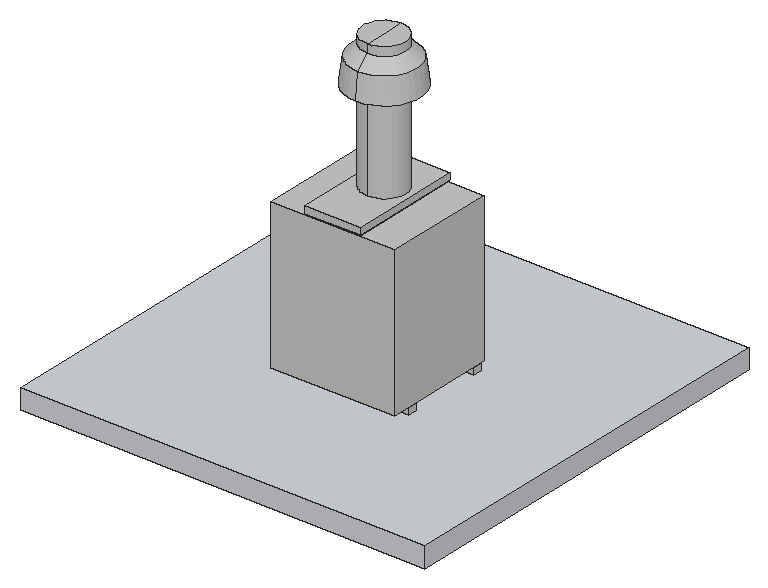
Revit family "DC_Rheem_PLM_Raypak_B0430ID", category Mechanical Equipment, host Face, Revit 2020
Family settings
  Host = Face
  Round Connector Dimension = Use Radius
  Part Type = Normal
  Cut with Voids When Loaded = No
  Shared = No
  Room Calculation Point = No
Parameters (values of type "Raypak - Gas Water Heater- Indoor - 420  MJ/h  Natural gas, On/Off gas control")
  Width_ANZRS = 745 mm
  URL = "http://www.rheem.com.au/CommercialProducts"
  Type Comments = "Recovery 1610L/h @ 50oC rise"
  TopFuleDiameter_ANZRS = 255 mm
  Stainless Steel = Raypak - Grey Powder Coated Steel
  PRVDistance_ANZRS = 210 mm
  PRVRadius_ANZRS = 15 mm
  PRVDiameter_ANZRS = PRVRadius_ANZRS * 2  # 30 mm
  Model = "B0430NCO/ID"
  Manufacturer = "Raypak"
  Length_ANZRS = 675 mm
  HotWaterOutletRadius_ANZRS = 20 mm
  HotWaterOutletDiameter_ANZRS = HotWaterOutletRadius_ANZRS * 2  # 40 mm
  HotWaterConnectionDistance_ANZRS = 170 mm
  Height_ANZRS = 1805 mm
  LipHeight_ANZRS = 935 mm
  GasInletRadius_ANZRS = 10 mm
  GasInletHeight_ANZRS = 370 mm
  GasInletDiameter_ANZRS = GasInletRadius_ANZRS * 2  # 20 mm
  GasConnectionDistance_ANZRS = 105 mm
  DesignBy_ANZRS = "Design Content ©"
  Description = "Raypak - Gas Water Heater- Indoor - 420  MJ/h  Natural gas, On/Off gas control"
  Default Elevation = 0 mm
  ConnectionHeight_ANZRS = 700 mm
  ColdWaterInletRadius_ANZRS = 20 mm
  ColdWaterInletDiameter_ANZRS = ColdWaterInletRadius_ANZRS * 2  # 40 mm
  ColdWaterConnectionDistance_ANZRS = 215 mm
  BoxHeight_ANZRS = 985 mm
  FootingOffset_ANZRS = 30 mm
  FootingWidth_ANZRS = 50 mm
  FootingOffsetRight_ANZRS = 105 mm
  Author_ANZRS = "DM"
  Assembly Code = ""
Types (5, lengths in mm): name | URL | Type Comments | Model | GasInletRadius_ANZRS | GasInletDiameter_ANZRS | Description
  (no name) | "http://www.rheem.com.au/downloads/PDF/Raypak_Mechanical_Heating_Brochure_July_09.pdf" | "Recovery 1610L/h @ 50oC rise" | "B0430NCM/ID" | 12.5 | 25 | "Raypak - Gas Water Heater- Indoor - 420 MJ/h  Natural gas, modulating gas control"
  Raypak - Gas Water Heater- Indoor - 420 MJ/h  Natural gas, modulating gas control | "http://www.rheem.com.au/CommercialProducts" | "Recovery 1610L/h @ 50oC rise" | "B0430NCM/ID" | 12.5 | 25 | "Raypak - Gas Water Heater- Indoor - 420 MJ/h  Natural gas, modulating gas control"
  Raypak - Gas Water Heater- Indoor - 420  MJ/h  Natural gas, On/Off gas control | "http://www.rheem.com.au/CommercialProducts" | "Recovery 1610L/h @ 50oC rise" | "B0430NCO/ID" | 10 | 20 | "Raypak - Gas Water Heater- Indoor - 420  MJ/h  Natural gas, On/Off gas control"
  Raypak - Gas Water Heater- Indoor - 396 MJ/h  Propane gas, modulating gas control | "http://www.rheem.com.au/CommercialProducts" | "Recovery 1514L/h @ 50oC rise" | "B0430PCM/ID" | 10 | 20 | "Raypak - Gas Water Heater- Indoor - 396 MJ/h  Propane gas, modulating gas control"
  Raypak - Gas Water Heater- Indoor - 396 MJ/h  Propane gas, On/Off gas control | "http://www.rheem.com.au/CommercialProducts" | "Recovery 1514L/h @ 50oC rise" | "B0350PCO/ID" | 10 | 20 | "Raypak - Gas Water Heater- Indoor - 396 MJ/h  Propane gas, modulating gas control"
Reference planes
  plane 1 "Center (Front/Back)": y = 0
  plane 2: z = 0
  plane 3 "Center (Left/Right)": x = 0
  plane 4 "Height": z = 1805
  plane 5 "Box H": z = 985
  plane 6 "Conn H": z = 700
  plane 7 "Gas C": z = 370
  plane 8 "L1": y = 288
  plane 9 "L2": y = -387
  plane 10 "PVR": y = 78
  plane 11 "Hot Water": y = 118
  plane 12 "Cold Water": y = -97
  plane 13 "Gas C1": y = -282
  plane 14 "D1": y = 127.5
  plane 15 "D2": y = -127.5
  plane 16 "W1": x = -372.5
  plane 17 "W2": x = 372.5
  plane 18 "base": z = 40
  plane 19 "H4": z = 1535
  plane 20 "H3": z = 1685
  plane 21 "H2": z = 1755
  plane 22: z = 600
  plane 23: z = 565
  plane 24: y = -327
  plane 25: x = -367.5
  plane 26 "BASE11": y = 258
  plane 27 "BASE12": y = 208
  plane 28 "BASE21": y = -232
  plane 29 "BASE22": y = -282
  plane 30 "H1": z = 935
  plane 31 "HH": z = 945
  plane 32: x = 167.5
  plane 33: x = -167.5
  plane 34: x = 157.5
  plane 35: x = -157.5
  plane 36 "LL2": y = -377
  plane 37 "LL1": y = 278
  plane 38: y = -197.5
  plane 39: y = -215.918
  plane 40: y = 197.5
  plane 41: y = 215.918
  plane 42: x = -127.5
  plane 43: x = 127.5
  plane 44: x = 197.5
  plane 45: x = 215.918
  plane 46: x = -197.5
  plane 47: x = -215.918
Forms (mm)
  Extrusion 1, solid
    sketch origin (0, 0, 0) x (1, 0, 0) y (0, 1, 0)
      loop
        line (-1219.2, 1219.2) -> (-1219.2, -1219.2) -> (1219.2, -1219.2) -> (1219.2, 1219.2) -> (-1219.2, 1219.2)
    from 0 to -120
  Extrusion 2, solid, material "Raypak - Grey Powder Coated Steel" <- "Stainless Steel"
    sketch origin (0, 0, 0) x (1, 0, 0) y (0, 1, 0)
      loop
        line (-372.5, 288) -> (-372.5, -387) -> (372.5, -387) -> (372.5, 288) -> (-372.5, 288)
    from 40 to 935
  Revolve 3, solid, material "Raypak - Grey Powder Coated Steel" <- "Stainless Steel"
    sketch origin (0, 0, 105) x (0, 1, 0) y (0, 0, 1)
      loop
        line (0, 1700) -> (-127.5, 1700) -> (-127.5, 1650) -> (-197.5, 1580) -> (-215.918, 1430) -> (-127.5, 1430) -> (-127.5, 880) -> (0, 880) -> (0, 1700)
      axis (0, 1700) -> (0, 880)
    angle from 0 to 360
  Extrusion 4, void
    sketch origin (0, 0, 0) x (0, 1, 0) y (0, 0, 1)
      loop
        circle (78, 700) r 15
      loop
        circle (118, 700) r 20
      loop
        circle (-97, 700) r 20
    from -372.5 to -367.5
  Extrusion 5, void
    sketch origin (0, 0, 0) x (0, 1, 0) y (0, 0, 1)
      loop
        circle (-327, 600) r 5
      loop
        circle (-327, 565) r 5
      loop
        circle (-282, 370) r 10
    from -372.5 to -367.5
  Extrusion 6, solid, material "Raypak - Grey Powder Coated Steel" <- "Stainless Steel"
    sketch origin (0, 0, 0) x (0, 1, 0) y (0, 0, 1)
      loop
        line (258, 40) -> (208, 40) -> (208, 0) -> (258, 0) -> (258, 40)
      loop
        line (-232, 40) -> (-282, 40) -> (-282, 0) -> (-232, 0) -> (-232, 40)
    from -372.5 to 372.5
  Extrusion 7, solid, material "Raypak - Grey Powder Coated Steel" <- "Stainless Steel"
    sketch origin (0, 0, 0) x (1, 0, 0) y (0, 0, 1)
      loop
        line (167.5, 985) -> (-167.5, 985) -> (-167.5, 945) -> (167.5, 945) -> (167.5, 985)
    from -288 to 387
  Extrusion 8, solid, material "Raypak - Grey Powder Coated Steel" <- "Stainless Steel"
    sketch origin (0, 0, 0) x (1, 0, 0) y (0, 0, 1)
      loop
        line (157.5, 945) -> (-157.5, 945) -> (-157.5, 935) -> (157.5, 935) -> (157.5, 945)
    from -278 to 377
Cuts and joins
  Extrusion 4, Extrusion 5 cuts Extrusion 2
Lines and regions (mm)
  Masking region 1
    outline origin (0, 0, 0) x (1, 0, 0) y (0, 1, 0)
      loop
        line (-372.5, 288) -> (-372.5, -387) -> (372.5, -387) -> (372.5, 288) -> (-372.5, 288)
  Masking region 2
    outline origin (0, 0, 0) x (1, 0, 0) y (0, 0, 1)
      loop
        line (-127.5, 1805) -> (-127.5, 1755) -> (-197.5, 1685) -> (-215.918, 1535) -> (-127.5, 1535) -> (-127.5, 985) -> (-167.5, 985) -> (-167.5, 945) -> (-157.5, 945) -> (-157.5, 935) -> (-372.5, 935) -> (-372.5, 0) -> (372.5, 0) -> (372.5, 935) -> (157.5, 935) -> (157.5, 945) -> (167.5, 945) -> (167.5, 985) -> (127.5, 985) -> (127.5, 1535) -> (215.918, 1535) -> (197.5, 1685) -> (127.5, 1755) -> (127.5, 1805) -> (0, 1805) -> (-127.5, 1805)
  Masking region 3
    outline origin (0, 0, 0) x (0, 1, 0) y (0, 0, 1)
      loop
        line (-127.5, 1805) -> (-127.5, 1755) -> (-197.5, 1685) -> (-215.918, 1535) -> (-127.5, 1535) -> (-127.5, 985) -> (-387, 985) -> (-387, 945) -> (-377, 945) -> (-377, 935) -> (-387, 935) -> (-387, 40) -> (-282, 40) -> (-282, 0) -> (-232, 0) -> (-232, 40) -> (208, 40) -> (208, 0) -> (258, 0) -> (258, 40) -> (288, 40) -> (288, 935) -> (278, 935) -> (278, 945) -> (288, 945) -> (288, 985) -> (127.5, 985) -> (127.5, 1535) -> (215.918, 1535) -> (197.5, 1685) -> (127.5, 1755) -> (127.5, 1805) -> (-127.5, 1805)
  symbolic lines, style "Emergency", detail levels fine
    curve 1: arc (0, 215.918, 0) -> (-215.918, 0, 0) -> (0, -215.918, 0) r 215.918
    curve 2: arc (0, -215.918, 0) -> (215.918, 0, 0) -> (0, 215.918, 0) r 215.918
    curve 3: arc (0, 197.5, 0) -> (197.5, 0, 0) -> (0, -197.5, 0) r 197.5
    curve 4: arc (0, -197.5, 0) -> (-197.5, 0, 0) -> (0, 197.5, 0) r 197.5
    curve 5: arc (0, -127.5, 0) -> (-127.5, 0, 0) -> (0, 127.5, 0) r 127.5
    curve 6: arc (0, 127.5, 0) -> (127.5, 0, 0) -> (0, -127.5, 0) r 127.5
    curve 7: line (372.5, -387, 0) -> (372.5, 288, 0)
    curve 8: line (372.5, 288, 0) -> (-372.5, 288, 0)
    curve 9: line (-372.5, 288, 0) -> (-372.5, -387, 0)
    curve 10: line (-372.5, -387, 0) -> (372.5, -387, 0)
    curve 11: line (127.5, 0, 1755) -> (197.5, 0, 1685)
    curve 12: line (215.918, 0, 1535) -> (197.5, 0, 1685)
    curve 13: line (-197.5, 0, 1685) -> (-215.918, 0, 1535)
    curve 14: line (-197.5, 0, 1685) -> (-127.5, 0, 1755)
    curve 15: line (-127.5, 0, 1805) -> (127.5, 0, 1805)
    curve 16: line (0, 0, 1805) -> (127.5, 0, 1805)
    curve 17: line (197.5, 0, 1685) -> (-197.5, 0, 1685)
    curve 18: line (127.5, 0, 1755) -> (-127.5, 0, 1755)
    curve 19: line (-215.918, 0, 1535) -> (0, 0, 1535)
    curve 20: line (0, 0, 1535) -> (190.918, 0, 1535)
    curve 21: line (127.5, 0, 1805) -> (127.5, 0, 1755)
    curve 22: line (-127.5, 0, 1805) -> (-127.5, 0, 1755)
    curve 23: line (372.5, 0, 935) -> (-372.5, 0, 935)
    curve 24: line (372.5, 0, 40) -> (372.5, 0, 935)
    curve 25: line (-372.5, 0, 935) -> (-372.5, 0, 40)
    curve 26: line (-372.5, 0, 40) -> (372.5, 0, 40)
    curve 27: line (372.5, 0, 0) -> (372.5, 0, 40)
    curve 28: line (-372.5, 0, 40) -> (-372.5, 0, 0)
    curve 29: line (-372.5, 0, 0) -> (372.5, 0, 0)
    curve 30: line (-127.5, 0, 1535) -> (-127.5, 0, 985)
    curve 31: line (127.5, 0, 1535) -> (127.5, 0, 985)
    curve 32: arc (0, 63, 700) -> (0, 78, 685) -> (0, 93, 700) r 15
    curve 33: arc (0, 93, 700) -> (0, 78, 715) -> (0, 63, 700) r 15
    curve 34: arc (0, 138, 700) -> (0, 118, 720) -> (0, 98, 700) r 20
    curve 35: arc (0, 98, 700) -> (0, 118, 680) -> (0, 138, 700) r 20
    curve 36: arc (0, -117, 700) -> (0, -97, 680) -> (0, -77, 700) r 20
    curve 37: arc (0, -77, 700) -> (0, -97, 720) -> (0, -117, 700) r 20
    curve 38: arc (0, -272, 370) -> (0, -282, 380) -> (0, -292, 370) r 10
    curve 39: arc (0, -292, 370) -> (0, -282, 360) -> (0, -272, 370) r 10
    curve 40: arc (0, -332, 565) -> (0, -327, 560) -> (0, -322, 565) r 5
    curve 41: arc (0, -322, 565) -> (0, -327, 570) -> (0, -332, 565) r 5
    curve 42: arc (0, -332, 600) -> (0, -327, 595) -> (0, -322, 600) r 5
    curve 43: arc (0, -322, 600) -> (0, -327, 605) -> (0, -332, 600) r 5
    curve 44: line (0, -127.5, 1805) -> (0, -127.5, 1755)
    curve 45: line (0, 127.5, 1805) -> (0, 127.5, 1755)
    curve 46: line (0, 215.918, 1535) -> (0, -215.918, 1535)
    curve 47: line (0, 197.5, 1685) -> (0, -197.5, 1685)
    curve 48: line (0, 127.5, 1755) -> (0, -127.5, 1755)
    curve 49: line (0, 127.5, 1755) -> (0, 197.5, 1685)
    curve 50: line (0, -215.918, 1535) -> (0, -197.5, 1685)
    curve 51: line (0, -127.5, 1755) -> (0, -197.5, 1685)
    curve 52: line (0, 215.918, 1535) -> (0, 197.5, 1685)
    curve 53: line (0, -127.5, 1805) -> (0, 127.5, 1805)
    curve 54: line (0, 127.5, 1535) -> (0, 127.5, 985)
    curve 55: line (0, -127.5, 1535) -> (0, -127.5, 985)
    curve 56: line (0, 288, 985) -> (0, -387, 985)
    curve 57: line (0, -387, 985) -> (0, -387, 945)
    curve 58: line (0, 288, 40) -> (0, 288, 935)
    curve 59: line (0, -387, 40) -> (0, 288, 40)
    curve 60: line (0, 208, 40) -> (0, 208, 0)
    curve 61: line (0, 258, 0) -> (0, 258, 40)
    curve 62: line (0, 208, 0) -> (0, 258, 0)
    curve 63: line (0, -232, 0) -> (0, -232, 40)
    curve 64: line (0, -282, 40) -> (0, -282, 0)
    curve 65: line (0, -282, 0) -> (0, -232, 0)
    curve 66: line (-167.5, 288, 0) -> (-167.5, 136.25, 0)
    curve 67: line (167.5, -387, 0) -> (167.5, -136.25, 0)
    curve 68: line (167.5, 0, 945) -> (167.5, 0, 985)
    curve 69: line (-167.5, 0, 945) -> (167.5, 0, 945)
    curve 70: line (157.5, 0, 935) -> (157.5, 0, 945)
    curve 71: line (-167.5, 0, 985) -> (-167.5, 0, 945)
    curve 72: line (-157.5, 0, 945) -> (-157.5, 0, 935)
    curve 73: line (167.5, 0, 985) -> (-167.5, 0, 985)
    curve 74: line (0, -387, 945) -> (0, 288, 945)
    curve 75: line (0, 288, 935) -> (0, -387, 935)
    curve 76: line (0, 278, 935) -> (0, 278, 945)
    curve 77: line (0, -377, 945) -> (0, -377, 935)
    curve 78: line (0, -387, 935) -> (0, -387, 40)
    curve 79: line (0, 288, 945) -> (0, 288, 985)
    curve 80: line (-167.5, -136.25, 0) -> (-167.5, -387, 0)
    curve 81: line (167.5, 136.25, 0) -> (167.5, 288, 0)
Dimensions and locks
  "Height_ANZRS": plane 4 "Height" to level
  "BoxHeight_ANZRS": plane 5 "Box H" to level
  "ConnectionHeight_ANZRS": plane 6 "Conn H" to Extrusion 1
  "GasInletHeight_ANZRS": plane 7 "Gas C" to level
  "Length_ANZRS": plane 8 "L1" to plane 9 "L2"
  "PRVDistance_ANZRS": plane 8 "L1" to plane 10 "PVR"
  "HotWaterConnectionDistance_ANZRS": plane 8 "L1" to plane 11 "Hot Water"
  "ColdWaterConnectionDistance_ANZRS": plane 11 "Hot Water" to plane 12 "Cold Water"
  "GasConnectionDistance_ANZRS": plane 13 "Gas C1" to plane 9 "L2"
  plane 1 "Center (Front/Back)" to plane 9 "L2" = 387 mm
  plane 18 "base" to level = 40 mm
  plane 4 "Height" to plane 21 "H2" to plane 20 "H3" to plane 19 "H4" = 50 mm, 70 mm, 150 mm
  equal spacing: plane 17 "W2", plane 3 "Center (Left/Right)", plane 16 "W1"
  "Width_ANZRS": plane 17 "W2" to plane 16 "W1"
  equal spacing: plane 14 "D1", plane 1 "Center (Front/Back)", plane 15 "D2"
  "TopFuleDiameter_ANZRS": plane 14 "D1" to plane 15 "D2"
  plane 22 to Extrusion 1 = 600 mm
  plane 23 to Extrusion 1 = 565 mm
  plane 18 "base" to Extrusion 1 = 40 mm
  plane 24 to plane 9 "L2" = 60 mm
  plane 16 "W1" to plane 25 = 5 mm
  "FootingOffset_ANZRS": plane 8 "L1" to plane 26 "BASE11"
  "FootingWidth_ANZRS": plane 26 "BASE11" to plane 27 "BASE12"
  "FootingWidth_ANZRS": plane 28 "BASE21" to plane 29 "BASE22"
  "FootingOffsetRight_ANZRS": plane 29 "BASE22" to plane 9 "L2"
  "LipHeight_ANZRS": plane 30 "H1" to Extrusion 1
  locked: plane 30 "H1" to plane 31 "HH" at 10
  plane 33 to plane 3 "Center (Left/Right)" to plane 32 = 167.5 mm, 167.5 mm
  plane 33 to plane 32 = 335 mm
  locked: plane 34 to plane 32 at 10
  locked: plane 35 to plane 33 at 10
  locked: plane 36 "LL2" to plane 9 "L2" at 10
  plane 37 "LL1" to plane 8 "L1" = 10 mm
  plane 15 "D2" to plane 38 to plane 39 = 70 mm locked, 18.418 mm locked
  locked: plane 40 to plane 41 at 18.418
  locked: plane 40 to plane 14 "D1" at 70
  equal spacing: plane 42, plane 3 "Center (Left/Right)", plane 43
  "TopFuleDiameter_ANZRS": plane 42 to plane 43
  plane 42 to plane 46 to plane 47 = 70 mm locked, 18.418 mm locked
  plane 45 to plane 44 to plane 43 = 18.418 mm locked, 70 mm locked
  "HotWaterOutletRadius_ANZRS": radius of Extrusion 4 sketch curve
  "ColdWaterInletRadius_ANZRS": radius of Extrusion 4 sketch curve
  "PRVRadius_ANZRS": radius of Extrusion 4 sketch curve
  "GasInletRadius_ANZRS": radius of Extrusion 5 sketch curve
  aligned and locked: plane 2 to Extrusion 1
  aligned and locked: level to Extrusion 1
  aligned and locked: plane 8 "L1" to Extrusion 2 sketch curve
  aligned and locked: plane 16 "W1" to Extrusion 2 sketch curve
  aligned and locked: plane 9 "L2" to Extrusion 2 sketch curve
  aligned and locked: plane 17 "W2" to Extrusion 2 sketch curve
  aligned: plane 5 "Box H" to Extrusion 2
  aligned and locked: Revolve 3 sketch curve to plane 1 "Center (Front/Back)"
  aligned and locked: plane 11 "Hot Water" to Extrusion 4 sketch curve
  aligned and locked: plane 10 "PVR" to Extrusion 4 sketch curve
  aligned and locked: plane 6 "Conn H" to Extrusion 4 sketch curve  (x3)
  aligned and locked: Extrusion 4 to plane 16 "W1"
  aligned and locked: Extrusion 2 to plane 18 "base"
  aligned and locked: plane 12 "Cold Water" to Extrusion 4 sketch curve
  aligned and locked: Revolve 3 sketch curve to plane 4 "Height"
  aligned and locked: plane 5 "Box H" to Revolve 3 sketch curve
  aligned and locked: plane 19 "H4" to Revolve 3 sketch curve
  aligned and locked: plane 21 "H2" to Revolve 3 sketch curve
  aligned: plane 15 "D2" to Revolve 3 sketch curve
  aligned and locked: plane 15 "D2" to Revolve 3 sketch curve
  aligned and locked: plane 22 to Extrusion 5 sketch curve
  aligned and locked: plane 24 to Extrusion 5 sketch curve  (x2)
  aligned and locked: plane 23 to Extrusion 5 sketch curve
  aligned and locked: Extrusion 5 to plane 16 "W1"
  aligned and locked: plane 25 to Extrusion 5
  aligned and locked: plane 13 "Gas C1" to Extrusion 5 sketch curve
  aligned and locked: plane 7 "Gas C" to Extrusion 5 sketch curve
  aligned and locked: Extrusion 5 to Extrusion 4
  aligned and locked: plane 18 "base" to Extrusion 6 sketch curve  (x2)
  aligned and locked: Extrusion 6 sketch curve to plane 26 "BASE11"
  aligned and locked: Extrusion 6 sketch curve to level  (x2)
  aligned and locked: plane 27 "BASE12" to Extrusion 6 sketch curve
  aligned and locked: Extrusion 6 sketch curve to plane 28 "BASE21"
  aligned and locked: plane 29 "BASE22" to Extrusion 6 sketch curve
  aligned and locked: Extrusion 6 to plane 16 "W1"
  aligned and locked: Extrusion 6 to plane 17 "W2"
  aligned and locked: Masking region 1 sketch curve to cut or joined group of Extrusion 2, Extrusion 4, Extrusion 5  (x4)
  aligned and locked: Revolve 3 to Masking region 2 sketch curve  (x3)
  aligned and locked: Masking region 2 sketch curve to Revolve 3
  aligned and locked: plane 5 "Box H" to Masking region 2 sketch curve
  aligned and locked: plane 16 "W1" to Masking region 2 sketch curve
  aligned and locked: Masking region 2 sketch curve to plane 17 "W2"
  aligned and locked: Extrusion 1 to Masking region 2 sketch curve
  aligned and locked: Masking region 3 sketch curve to Revolve 3  (x2)
  aligned and locked: Masking region 3 sketch curve to plane 15 "D2"  (x2)
  aligned and locked: plane 5 "Box H" to Masking region 3 sketch curve
  aligned and locked: Masking region 3 sketch curve to plane 9 "L2"
  aligned and locked: plane 18 "base" to Masking region 3 sketch curve
  aligned and locked: Masking region 3 sketch curve to Extrusion 6  (x4)
  aligned and locked: plane 27 "BASE12" to Masking region 3 sketch curve
  aligned and locked: plane 26 "BASE11" to Masking region 3 sketch curve
  aligned and locked: plane 8 "L1" to Masking region 3 sketch curve
  aligned and locked: plane 14 "D1" to Masking region 3 sketch curve
  aligned and locked: curve 1 to Revolve 3
  aligned and locked: curve 2 to Revolve 3
  aligned and locked: curve 3 to Revolve 3
  aligned and locked: curve 4 to Revolve 3
  aligned and locked: curve 5 to Revolve 3
  aligned and locked: curve 6 to Revolve 3
  aligned and locked: curve 7 to cut or joined group of Extrusion 2, Extrusion 4, Extrusion 5
  aligned and locked: curve 8 to cut or joined group of Extrusion 2, Extrusion 4, Extrusion 5
  aligned and locked: curve 9 to cut or joined group of Extrusion 2, Extrusion 4, Extrusion 5
  aligned and locked: curve 10 to cut or joined group of Extrusion 2, Extrusion 4, Extrusion 5
  aligned and locked: curve 32 to cut or joined group of Extrusion 2, Extrusion 4, Extrusion 5
  aligned and locked: curve 33 to cut or joined group of Extrusion 2, Extrusion 4, Extrusion 5
  aligned and locked: curve 34 to cut or joined group of Extrusion 2, Extrusion 4, Extrusion 5
  aligned and locked: curve 35 to cut or joined group of Extrusion 2, Extrusion 4, Extrusion 5
  aligned and locked: curve 36 to cut or joined group of Extrusion 2, Extrusion 4, Extrusion 5
  aligned and locked: curve 37 to cut or joined group of Extrusion 2, Extrusion 4, Extrusion 5
  aligned and locked: curve 38 to cut or joined group of Extrusion 2, Extrusion 4, Extrusion 5
  aligned and locked: curve 39 to cut or joined group of Extrusion 2, Extrusion 4, Extrusion 5
  aligned and locked: curve 40 to cut or joined group of Extrusion 2, Extrusion 4, Extrusion 5
  aligned and locked: curve 41 to cut or joined group of Extrusion 2, Extrusion 4, Extrusion 5
  aligned and locked: curve 42 to cut or joined group of Extrusion 2, Extrusion 4, Extrusion 5
  aligned and locked: curve 43 to cut or joined group of Extrusion 2, Extrusion 4, Extrusion 5
  aligned and locked: curve 44 to plane 15 "D2"
  aligned and locked: plane 14 "D1" to curve 45
  aligned and locked: plane 21 "H2" to curve 48
  aligned and locked: curve 53 to Revolve 3
  aligned and locked: Extrusion 2 to plane 30 "H1"
  aligned and locked: curve 23 to cut or joined group of Extrusion 2, Extrusion 4, Extrusion 5
  aligned and locked: plane 5 "Box H" to Extrusion 7 sketch curve
  aligned and locked: Extrusion 7 sketch curve to plane 32
  aligned and locked: Extrusion 7 sketch curve to plane 31 "HH"
  aligned and locked: Extrusion 7 sketch curve to plane 33
  aligned and locked: plane 31 "HH" to Extrusion 8 sketch curve
  aligned and locked: Extrusion 8 sketch curve to plane 34
  aligned and locked: Extrusion 8 sketch curve to plane 30 "H1"
  aligned and locked: Extrusion 8 sketch curve to plane 35
  aligned and locked: Extrusion 7 to plane 8 "L1"
  aligned and locked: Extrusion 7 to plane 9 "L2"
  aligned and locked: Extrusion 8 to plane 36 "LL2"
  aligned and locked: plane 37 "LL1" to Extrusion 8
  aligned and locked: curve 66 to Extrusion 7
  aligned and locked: curve 67 to Extrusion 7
  aligned and locked: curve 68 to Extrusion 7
  aligned and locked: curve 69 to Extrusion 7
  aligned and locked: curve 70 to Extrusion 8
  aligned and locked: curve 71 to Extrusion 7
  aligned and locked: curve 72 to Extrusion 8
  aligned and locked: curve 73 to Extrusion 7
  aligned and locked: Masking region 2 sketch curve to Extrusion 7  (x3)
  aligned and locked: Extrusion 7 to Masking region 2 sketch curve
  aligned and locked: Masking region 2 sketch curve to Extrusion 8  (x2)
  aligned and locked: Masking region 2 sketch curve to cut or joined group of Extrusion 2, Extrusion 4, Extrusion 5
  aligned and locked: curve 74 to Extrusion 7
  aligned and locked: curve 75 to cut or joined group of Extrusion 2, Extrusion 4, Extrusion 5
  aligned and locked: curve 76 to Extrusion 8
  aligned and locked: curve 77 to Extrusion 8
  aligned and locked: Masking region 3 sketch curve to Extrusion 7
  aligned and locked: Masking region 3 sketch curve to cut or joined group of Extrusion 2, Extrusion 4, Extrusion 5
  aligned and locked: Masking region 3 sketch curve to Extrusion 8  (x2)
  aligned and locked: plane 38 to Revolve 3 sketch curve
  aligned and locked: plane 39 to Revolve 3 sketch curve
  aligned and locked: plane 20 "H3" to Revolve 3 sketch curve
  aligned and locked: plane 39 to curve 50
  aligned and locked: plane 38 to curve 51
  aligned and locked: plane 20 "H3" to curve 51
  aligned and locked: plane 19 "H4" to curve 50
  aligned and locked: plane 19 "H4" to curve 52
  aligned and locked: plane 20 "H3" to curve 49
  aligned and locked: plane 40 to curve 52
  aligned and locked: plane 41 to curve 46
  aligned and locked: plane 42 to curve 22
  aligned and locked: curve 21 to plane 43
  aligned and locked: plane 43 to Masking region 2  (x2)
  aligned and locked: plane 42 to Masking region 2  (x2)
  aligned and locked: plane 42 to curve 30
  aligned and locked: curve 31 to plane 43
  aligned and locked: plane 44 to curve 17
  aligned and locked: plane 46 to curve 17
  aligned and locked: plane 47 to curve 13
  aligned and locked: plane 19 "H4" to curve 19
  aligned and locked: plane 19 "H4" to curve 20
  aligned and locked: plane 20 "H3" to curve 17
  aligned and locked: plane 45 to curve 12
  aligned and locked: plane 19 "H4" to curve 12
  aligned and locked: Masking region 2 sketch curve to curve 14
  aligned and locked: Masking region 2 sketch curve to curve 13
  aligned and locked: Masking region 2 sketch curve to curve 12
  aligned and locked: Masking region 2 sketch curve to curve 11
  aligned and locked: cut or joined group of Extrusion 2, Extrusion 4, Extrusion 5 to Masking region 2 sketch curve
Automatic sketch dimensions
  Extrusion 1 sketch curve to Extrusion 1 sketch curve = 2438.4 mm  (x2)
  curve 57 to plane 5 "Box H" = 0 mm
  curve 57 to plane 9 "L2" = 0 mm
  curve 78 to plane 9 "L2" = 0 mm
  curve 77 to plane 36 "LL2" = 0 mm
  curve 64 to level = 0 mm
  curve 64 to plane 13 "Gas C1" = 0 mm
  curve 65 to plane 28 "BASE21" = 0 mm
  curve 55 to plane 15 "D2" = 0 mm
  curve 54 to plane 14 "D1" = 0 mm
  curve 62 to level = 0 mm
  curve 62 to plane 27 "BASE12" = 0 mm
  curve 61 to plane 18 "base" = 0 mm
  curve 61 to plane 26 "BASE11" = 0 mm
  curve 76 to plane 31 "HH" = 0 mm
  curve 76 to plane 37 "LL1" = 0 mm
  curve 74 to plane 8 "L1" = 0 mm
  curve 59 to plane 8 "L1" = 0 mm
  curve 59 to plane 18 "base" = 0 mm
  curve 63 to plane 18 "base" = 0 mm
  curve 64 to plane 18 "base" = 0 mm
  curve 60 to plane 18 "base" = 0 mm
  curve 53 to plane 4 "Height" = 0 mm
  Revolve 3 sketch curve to plane 15 "D2" = 0 mm
  Revolve 3 sketch curve to plane 1 "Center (Front/Back)" = 0 mm
  Revolve 3 sketch curve to Revolve 3 sketch curve = 675 mm
  Revolve 3 sketch curve to Revolve 3 sketch curve = 130 mm
  Masking region 2 sketch curve to plane 3 "Center (Left/Right)" = 0 mm
  Masking region 2 sketch curve to plane 5 "Box H" = 0 mm
  Masking region 2 sketch curve to plane 21 "H2" = 0 mm  (x2)
  Masking region 3 sketch curve to plane 9 "L2" = 0 mm
  Masking region 3 sketch curve to plane 39 = 0 mm
  Masking region 3 sketch curve to plane 20 "H3" = 0 mm  (x2)
  Masking region 3 sketch curve to plane 38 = 0 mm
  Masking region 3 sketch curve to plane 14 "D1" = 0 mm
  Masking region 3 sketch curve to plane 40 = 0 mm
  Masking region 3 sketch curve to plane 19 "H4" = 0 mm
  Masking region 3 sketch curve to plane 41 = 0 mm
  Masking region 3 sketch curve to plane 8 "L1" = 0 mm
  Masking region 3 sketch curve to plane 18 "base" = 0 mm  (x2)
  Masking region 3 sketch curve to plane 30 "H1" = 0 mm
  Masking region 3 sketch curve to plane 31 "HH" = 0 mm
  Masking region 3 sketch curve to plane 5 "Box H" = 0 mm
  Masking region 3 sketch curve to plane 21 "H2" = 0 mm  (x2)
  plane 34 to Masking region 2 sketch curve = 30 mm
  plane 35 to Masking region 2 sketch curve = 30 mm
  curve 28 to level = 0 mm
  curve 28 to plane 16 "W1" = 0 mm
  curve 73 to plane 5 "Box H" = 0 mm
  curve 73 to plane 33 = 0 mm
  curve 72 to plane 35 = 0 mm
  curve 19 to plane 3 "Center (Left/Right)" = 0 mm
  curve 16 to plane 3 "Center (Left/Right)" = 0 mm
  curve 70 to plane 31 "HH" = 0 mm
  plane 34 to curve 70 = 0 mm
  plane 32 to curve 69 = 0 mm
  plane 17 "W2" to curve 26 = 0 mm
  curve 25 to plane 18 "base" = 0 mm
  curve 18 to plane 21 "H2" = 0 mm
  curve 16 to plane 4 "Height" = 0 mm
  plane 44 to curve 20 = 6.582 mm
  curve 9 to plane 9 "L2" = 0 mm
  curve 9 to plane 16 "W1" = 0 mm
  curve 66 to plane 33 = 0 mm
  curve 80 to plane 33 = 0 mm
  curve 81 to plane 32 = 0 mm
  curve 67 to plane 32 = 0 mm
  curve 7 to plane 17 "W2" = 0 mm
  plane 8 "L1" to curve 7 = 0 mm
  Extrusion 5 sketch curve to plane 13 "Gas C1" = 0 mm
  radius of Extrusion 5 sketch curve = 5 mm  (x2)
Connectors
  piping at (-372.5, 118, 700), diameter 40, driven by "HotWaterOutletRadius_ANZRS"
    settings: on cut or joined group of Extrusion 2, Extrusion 4, Extrusion 5, index 1, connector inside diameter 1.5748", connector length 0 mm, flow factor 0, pipe flow 0 GPM, pressure drop 0.00 psi, fitting loss kfactor 0, connector angle 0.00°, fixture units 0, engagement length 0 mm, angle of deflection 0.00°, flow configuration 0, flow direction 0, fitting loss method 0, system type 19, joint type 0, gender type 0, connector reference index -1, connector utility 0, adjustable connector no, is connector primary yes, connector description ""
  piping at (-372.5, 78, 700), diameter 30, driven by "PRVRadius_ANZRS"
    settings: on cut or joined group of Extrusion 2, Extrusion 4, Extrusion 5, index 2, connector inside diameter 1.1811", connector length 0 mm, flow factor 0, pipe flow 0 GPM, pressure drop 0.00 psi, fitting loss kfactor 0, connector angle 0.00°, fixture units 0, engagement length 0 mm, angle of deflection 0.00°, flow configuration 0, flow direction 0, fitting loss method 0, system type 19, joint type 0, gender type 0, connector reference index -1, connector utility 0, adjustable connector no, is connector primary no, connector description ""
  piping at (-372.5, -97, 700), diameter 40, driven by "ColdWaterInletRadius_ANZRS"
    settings: on cut or joined group of Extrusion 2, Extrusion 4, Extrusion 5, index 3, connector inside diameter 1.5748", connector length 0 mm, flow factor 0, pipe flow 0 GPM, pressure drop 0.00 psi, fitting loss kfactor 0, connector angle 0.00°, fixture units 0, engagement length 0 mm, angle of deflection 0.00°, flow configuration 0, flow direction 0, fitting loss method 0, system type 20, joint type 0, gender type 0, connector reference index -1, connector utility 0, adjustable connector no, is connector primary no, connector description ""
  piping at (-372.5, -282, 370), diameter 20, driven by "GasInletRadius_ANZRS"
    settings: on cut or joined group of Extrusion 2, Extrusion 4, Extrusion 5, index 4, connector inside diameter 0.98425", connector length 0 mm, flow factor 0, pipe flow 0 GPM, pressure drop 0.00 psi, fitting loss kfactor 0, connector angle 0.00°, fixture units 0, engagement length 0 mm, angle of deflection 0.00°, flow configuration 0, flow direction 0, fitting loss method 0, system type 22, joint type 0, gender type 0, connector reference index -1, connector utility 0, adjustable connector no, is connector primary no, connector description ""
  electrical at (-372.5, -327, 600)
    settings: on cut or joined group of Extrusion 2, Extrusion 4, Extrusion 5, index 5, voltage 0 V, apparent load 0 VA, apparent load phase1 0 VA, apparent load phase2 0 VA, apparent load phase3 0 VA, power factor 1, load classification "Other", number of poles 1, system type 31, power factor state 1, is connector primary yes, connector utility no, sub classification motor no, connector description ""
  electrical at (-372.5, -327, 565)
    settings: on cut or joined group of Extrusion 2, Extrusion 4, Extrusion 5, index 6, voltage 0 V, apparent load 0 VA, apparent load phase1 0 VA, apparent load phase2 0 VA, apparent load phase3 0 VA, power factor 1, load classification "Other", number of poles 1, system type 31, power factor state 1, is connector primary no, connector utility no, sub classification motor no, connector description ""
